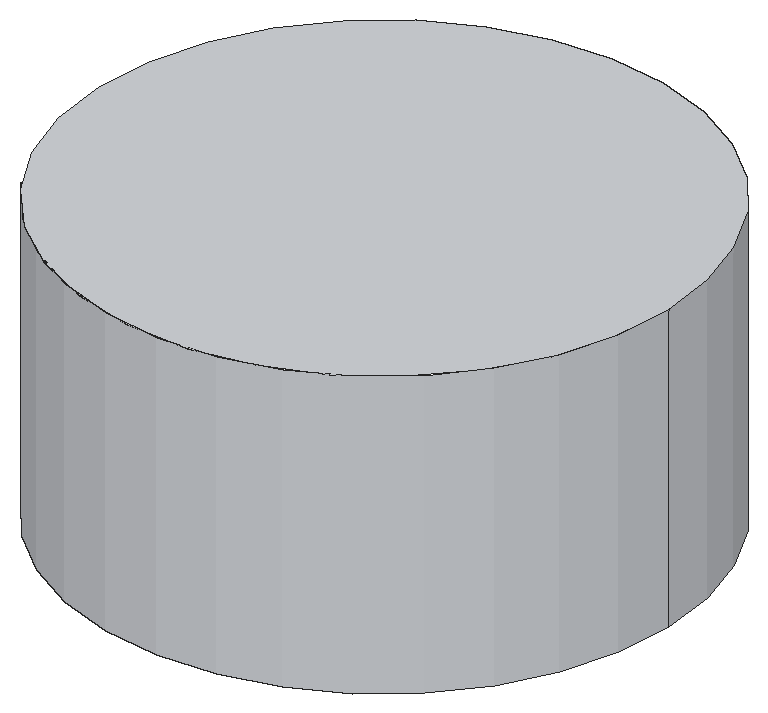
Revit family "ASF-16-C8.", category Mechanical Equipment, Revit 2023
Family settings
  Round Connector Dimension = Use Diameter
  Classification = None
  Part Type = Normal
  OmniClass Number = 23.75.00.00
  OmniClass Title = Climate Control (HVAC)
  Work Plane-Based = No
  Always vertical = Yes
  Cut with Voids When Loaded = No
  Maintain Annotation Orientation = No
  Shared = No
  Room Calculation Point = No
Parameters (values of type "Standard")
  Default Elevation = 0' - 0"
  Connector_1_Diameter = 1' - 3 3/4"
Reference planes (in)
  plane 1 "Center (Front/Back)": y = 0
  plane 2: z = 0
  plane 3 "Center (Left/Right)": x = 0
Forms (in)
  Extrusion 1, solid
    sketch origin (0, 0, -17.55954) x (1, 0, 0) y (0, 1, 0)
      loop
        circle (0, 0) r 0.12
    from 0 to -0.12
Dimensions and locks (in)
  aligned and locked: plane 2 to level
Connectors (in)
  hvac at (0, 0, -17.55954), driven by "Connector_1_Diameter"
    settings: on Extrusion 1, index 1, duct flow 0 CFM, flow factor 0, pres drop 0.00 in-wg, loss coef 0, conn angle 0.00°, conn width 12", conn height 12", conn diameter 15 3/4", duct sys type 3, conn prof type 0, flow config 1, flow direction 1, loss method 0, conn ref index -1, conn util no, is conn primary yes, conn desc ""
